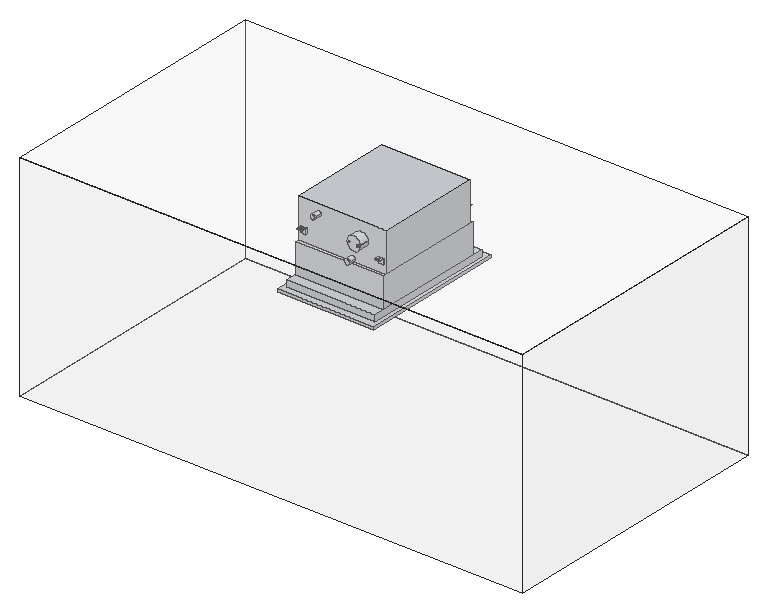
Revit family "plfy-p22_140lmg7_60Hz_pac-kw85_86_87tb", category 機械設備, Revit 2019
Family settings
  丸型コネクタ寸法 = 直径を使用
  パーツ タイプ = 標準
  OmniClass 番号 = 23.75.10.24.21.27.27
  OmniClass タイトル = Split System Air Conditioning Units
  作業面ベース = いいえ
  常に垂直 = はい
  ロード時にボイドで切り取り = いいえ
  共有 = いいえ
  部屋計算ポイント = はい
Parameters (values of type "PLFY-P22LMG7")
  風量（弱）（m3／min） = 6.5
  風量（中2）（m3／min） = 7.5
  風量（中1）（m3／min） = 8.5
  風量（m3／min） = 9.5
  風量 = MAX風量  # 570.0 m³/h
  音響パワーレベル（弱）(dB) = 49
  音響パワーレベル（中2）(dB) = 51
  音響パワーレベル（中1）(dB) = 52
  音響パワーレベル(dB) = 53
  電源種別 = ""
  電源_H = 0 mm
  電圧_電気ヒーター = 0 V
  電圧 = 200 V
  電動機出力_送風機 = 0.05 kW
  運転質量 = 0.00 kg
  連動 = ""
  質量 = if(製品質量 > 運転質量, 製品質量, 運転質量) * 1.2  # 24.00 kg
  負荷分類 = 3_ファン類
  説明 = "ビル用マルチエアコン 天井カセット形(2方向吹出)室内機"
  設計暖房能力 = 0.00 kW
  設計冷房能力_顕熱 = 0 kW
  設計冷房能力 = 0 kW
  設置方法 = "カセット形"
  記号 = ""
  製造元 = "三菱電機株式会社"
  製品質量 = 20.00 kg
  製品出荷対象 = "国内"
  製品リリース年月 = "2020/7/22"
  製品グループ = ""
  系統 = ""
  符号 = "ACP_CK2"
  積算_科目 = "1 空気調和設備"
  積算_拾い区分 [instance] = ""
  相_電気ヒーター = 1
  相 = 1
  盤記号 = ""
  発停方法 = "付属スイッチ"
  特殊仕様 = ""
  火災停止 = ""
  消費電力_電気ヒーター = 0.00 kW
  消費電力_暖房 = 0.03 kW
  消費電力_加湿器 = 0.00 kW
  消費電力_冷房 = 0.03 kW
  消費電力 = if(消費電力_冷房 > 消費電力_暖房, 消費電力_冷房, 消費電力_暖房) + 消費電力_加湿器 + 消費電力_電気ヒーター  # 0.03 kW
  法定耐用年数 = "15"
  機外静圧 = 0.0 Pa
  極数 = 3
  材質 = ""
  本体マテリアル = none
  有効加湿量 = 0
  暖房能力 = 2.50 kW
  推奨ブレーカー容量 = 15 A
  形式_加湿器 = ""
  形式 = "カセット形（2方向吹出形）"
  幹線記号 = ""
  始動方式 = ""
  呼称 = "室内機_カセット形(2方向吹出形)"
  周波数 = 60 Hz
  吊り位置Y = 824 mm
  吊り位置X = 574 mm
  吊りボルト_H = 365 mm
  台数_手元リモコン = ""
  台数_冷媒分岐ユニット = ""
  参照している仕様書等のバージョン = "公共建築工事標準仕様書（機械設備工事編）平成31年度版"
  加湿給水管径 = 0 mm
  分類コード = "50053003221020"
  分類グループ = ""
  冷房能力 = 2.2 kW
  冷媒高低圧ガス管径 = 0 mm
  冷媒管径符号 = "Ac"
  冷媒管径 = 100 mm
  冷媒液管高さ = 433 mm
  冷媒液管長さ = 67 mm
  冷媒液管径 = 6.35 mm
  冷媒ガス管高さ = 433 mm
  冷媒ガス管長さ = 78 mm
  冷媒ガス管径 = 12.7 mm
  企業コード = ""
  付属品_フィルター = ""
  付属品 = ""
  仕様書バージョン = "Version1.0"
  モデル = "PLFY-P22LMG7"
  パネルマテリアル = none
  ドレン管高さ = 495 mm
  ドレン管径 = 32 mm
  サービススペース = yes
  コメント [instance] = ""
  ケーブル種類 = ""
  ケーブルサイズ = 1.6 mm
  Width = 650 mm
  Version = ""
  Uniclass2015Version = "Systems v1.9"
  Uniclass2015Title = "Split coil remote air cooled condensing units"
  Uniclass2015Code = "Pr_70_65_03_84"
  URL = "https://www.mitsubishielectric.co.jp/ldg/wink/ssl/displayProduct.do?pid=307542"
  SpecificationReference = ""
  SpecificationDescription = ""
  S_H = 562 mm
  Revision = ""
  ProductInformation = ""
  OmniClassCode = "23-751024212727"
  MIN風量 = 風量（弱）（m3／min） * 60.0 m³/h  # 390.0 m³/h
  MID風量2 = 風量（中2）（m3／min） * 60.0 m³/h  # 450.0 m³/h
  MID風量 = 風量（中1）（m3／min） * 60.0 m³/h  # 510.0 m³/h
  MAX風量 = 風量（m3／min） * 60.0 m³/h  # 570.0 m³/h
  IfcTypeProduct = ""
  IfcProduct = ""
  IfcExportType = "AIRCONDITIONINGUNIT"
  IfcExportAs = "IfcUnitaryEquipmentType"
  Height = 290 mm
  Depth = 770 mm
  Clearance Top = 555 mm
  Clearance Right = 1500 mm
  Clearance Left = 1500 mm
  Clearance Front = 500 mm
  Clearance Bottom = 1000 mm
  Clearance Back = 500 mm
  Author = "三菱電機株式会社"
Types (11, lengths in mm): name | 風量（弱）（m3／min） | 風量（中2）（m3／min） | 風量（中1）（m3／min） | 風量（m3／min） | 風量 | 音響パワーレベル（弱）(dB) | 音響パワーレベル（中2）(dB) | 音響パワーレベル（中1）(dB) | 音響パワーレベル(dB) | 電動機出力_送風機 | 質量 | 製品質量 | 消費電力_暖房 | 消費電力_冷房 | 消費電力 | 暖房能力 | 吊り位置Y | 冷房能力 | 冷媒管径符号 | 冷媒液管長さ | 冷媒液管径 | 冷媒ガス管長さ | 冷媒ガス管径 | モデル | URL | S_H | MIN風量 | MID風量2 | MID風量 | MAX風量 | Height | Depth | Clearance Top
  (no name) | 6.5 | 7.5 | 8.5 | 9.5 | 570.0 m³/h | 49 | 51 | 52 | 53 | 0.05 kW | 24.00 kg | 20.00 kg | 0.03 kW | 0.03 kW | 0.03 kW | 2.50 kW | 824 | 2.2 kW | "Ac" | 67 | 6.35 | 78 | 12.7 | "PLFY-P22LMG7" | "https://www.mitsubishielectric.co.jp/ldg/wink/ssl/displayProduct.do?pid=307542" | 562 | 390.0 m³/h | 450.0 m³/h | 510.0 m³/h | 570.0 m³/h | 290 | 770 | 555
  PLFY-P22LMG7 | 6.5 | 7.5 | 8.5 | 9.5 | 570.0 m³/h | 49 | 51 | 52 | 53 | 0.05 kW | 24.00 kg | 20.00 kg | 0.03 kW | 0.03 kW | 0.03 kW | 2.50 kW | 824 | 2.2 kW | "Ac" | 67 | 6.35 | 78 | 12.7 | "PLFY-P22LMG7" | "https://www.mitsubishielectric.co.jp/ldg/wink/ssl/displayProduct.do?pid=307542" | 562 | 390.0 m³/h | 450.0 m³/h | 510.0 m³/h | 570.0 m³/h | 290 | 770 | 555
  PLFY-P28LMG7 | 6.5 | 7.5 | 8.5 | 9.5 | 570.0 m³/h | 49 | 51 | 52 | 53 | 0.05 kW | 24.00 kg | 20.00 kg | 0.03 kW | 0.03 kW | 0.03 kW | 3.20 kW | 824 | 2.8 kW | "Ac" | 67 | 6.35 | 78 | 12.7 | "PLFY-P28LMG7" | "https://www.mitsubishielectric.co.jp/ldg/wink/ssl/displayProduct.do?pid=307511" | 562 | 390.0 m³/h | 450.0 m³/h | 510.0 m³/h | 570.0 m³/h | 290 | 770 | 555
  PLFY-P36LMG7 | 6.5 | 8 | 9 | 10 | 600.0 m³/h | 50 | 51 | 52 | 53 | 0.05 kW | 25.20 kg | 21.00 kg | 0.03 kW | 0.03 kW | 0.03 kW | 4.00 kW | 824 | 3.6 kW | "Ac" | 67 | 6.35 | 78 | 12.7 | "PLFY-P36LMG7" | "https://www.mitsubishielectric.co.jp/ldg/wink/ssl/displayProduct.do?pid=307543" | 562 | 390.0 m³/h | 480.0 m³/h | 540.0 m³/h | 600.0 m³/h | 290 | 770 | 555
  PLFY-P45LMG7 | 7 | 8.5 | 9.5 | 10.5 | 630.0 m³/h | 51 | 54 | 55 | 56 | 0.05 kW | 25.20 kg | 21.00 kg | 0.04 kW | 0.04 kW | 0.04 kW | 5.00 kW | 824 | 4.5 kW | "Ac" | 67 | 6.4 | 78 | 12.7 | "PLFY-P45LMG7" | "https://www.mitsubishielectric.co.jp/ldg/wink/ssl/displayProduct.do?pid=307544" | 562 | 420.0 m³/h | 510.0 m³/h | 570.0 m³/h | 630.0 m³/h | 290 | 770 | 555
  PLFY-P56LMG7 | 9 | 11 | 12 | 13 | 780.0 m³/h | 53 | 55 | 56 | 57 | 0.05 kW | 28.80 kg | 24.00 kg | 0.05 kW | 0.05 kW | 0.05 kW | 6.30 kW | 994 | 5.6 kW | "Ac" | 67 | 6.4 | 78 | 12.7 | "PLFY-P56LMG7" | "https://www.mitsubishielectric.co.jp/ldg/wink/ssl/displayProduct.do?pid=307512" | 562 | 540.0 m³/h | 660.0 m³/h | 720.0 m³/h | 780.0 m³/h | 290 | 940 | 555
  PLFY-P71LMG7 | 10.5 | 12.5 | 15 | 16.5 | 990.0 m³/h | 55 | 58 | 59 | 60 | 0.05 kW | 31.20 kg | 26.00 kg | 0.07 kW | 0.07 kW | 0.07 kW | 8.00 kW | 994 | 7.1 kW | "Bd" | 67 | 9.5 | 78 | 15.9 | "PLFY-P71LMG7" | "https://www.mitsubishielectric.co.jp/ldg/wink/ssl/displayProduct.do?pid=307545" | 562 | 630.0 m³/h | 750.0 m³/h | 900.0 m³/h | 990.0 m³/h | 290 | 940 | 555
  PLFY-P80LMG7 | 13.5 | 15 | 16.5 | 19 | 1140.0 m³/h | 56 | 58 | 59 | 60 | 0.10 kW | 49.20 kg | 41.00 kg | 0.06 kW | 0.06 kW | 0.06 kW | 9.00 kW | 1494 | 8 kW | "Bd" | 71 | 9.5 | 83 | 15.9 | "PLFY-P80LMG7" | "https://www.mitsubishielectric.co.jp/ldg/wink/ssl/displayProduct.do?pid=307546" | 603 | 810.0 m³/h | 900.0 m³/h | 990.0 m³/h | 1140.0 m³/h | 331 | 1440 | 596
  PLFY-P90LMG7 | 15.5 | 18 | 20 | 22.5 | 1350.0 m³/h | 57 | 59 | 60 | 61 | 0.10 kW | 49.20 kg | 41.00 kg | 0.08 kW | 0.08 kW | 0.08 kW | 10.00 kW | 1494 | 9 kW | "Bd" | 71 | 9.5 | 83 | 15.9 | "PLFY-P90LMG7" | "https://www.mitsubishielectric.co.jp/ldg/wink/ssl/displayProduct.do?pid=307513" | 603 | 930.0 m³/h | 1080.0 m³/h | 1200.0 m³/h | 1350.0 m³/h | 331 | 1440 | 596
  PLFY-P112LMG7 | 18 | 20 | 23.5 | 26 | 1560.0 m³/h | 59 | 61 | 62 | 63 | 0.10 kW | 54.00 kg | 45.00 kg | 0.10 kW | 0.10 kW | 0.10 kW | 12.50 kW | 1494 | 11.2 kW | "Bd" | 71 | 9.5 | 83 | 15.9 | "PLFY-P112LMG7" | "https://www.mitsubishielectric.co.jp/ldg/wink/ssl/displayProduct.do?pid=307547" | 603 | 1080.0 m³/h | 1200.0 m³/h | 1410.0 m³/h | 1560.0 m³/h | 331 | 1440 | 596
  PLFY-P140LMG7 | 23 | 26.5 | 28.5 | 31.5 | 1890.0 m³/h | 63 | 64 | 67 | 69 | 0.24 kW | 56.40 kg | 47.00 kg | 0.20 kW | 0.20 kW | 0.20 kW | 16.00 kW | 1494 | 14 kW | "Bd" | 71 | 9.5 | 83 | 15.9 | "PLFY-P140LMG7" | "https://www.mitsubishielectric.co.jp/ldg/wink/ssl/displayProduct.do?pid=307548" | 603 | 1380.0 m³/h | 1590.0 m³/h | 1710.0 m³/h | 1890.0 m³/h | 331 | 1440 | 596
Reference planes
  plane 1 "中心(正面/背面)": y = 0
  plane 2: z = 0
  plane 3 "中心(左/右)": x = 0
  plane 4: x = -355
  plane 5: x = 355
  plane 6: y = 540
  plane 7: y = -540
  plane 8: z = 555
  plane 9: z = 562
  plane 10: x = -287
  plane 11: x = 287
  plane 12: y = 412
  plane 13: y = -412
  plane 14: z = 265
  plane 15: y = 385
  plane 16: y = -385
  plane 17: x = -325
  plane 18: x = 325
  plane 19: x = -1855
  plane 20: x = 1855
  plane 21: y = 1040
  plane 22: y = -1040
  plane 23: z = 555
  plane 24: z = -20
  plane 25: z = -1020
Dimensions and locks
  equal spacing: plane 4, plane 3 "中心(左/右)", plane 5
  plane 4 to plane 5 = 710 mm
  equal spacing: plane 7, plane 1 "中心(正面/背面)", plane 6
  plane 7 to plane 6 = 1080 mm
  locked: plane 12 to plane 6 at 128
  plane 7 to plane 13 = 128 mm
  plane 4 to plane 10 = 68 mm
  plane 11 to plane 5 = 68 mm
  "S_H": plane 9 to level
  "吊り位置X": plane 10 to plane 11
  equal spacing: plane 10, plane 3 "中心(左/右)", plane 11
  equal spacing: plane 13, plane 1 "中心(正面/背面)", plane 12
  "吊り位置Y": plane 13 to plane 12
  equal spacing: plane 16, plane 1 "中心(正面/背面)", plane 15
  "Depth": plane 16 to plane 15
  equal spacing: plane 17, plane 3 "中心(左/右)", plane 18
  "Width": plane 17 to plane 18
  locked: plane 14 to level at 265
  "Height": plane 8 to plane 14
  "Clearance Left": plane 19 to plane 4
  "Clearance Right": plane 5 to plane 20
  "Clearance Back": plane 6 to plane 21
  "Clearance Front": plane 22 to plane 7
  locked: level to plane 24 at 20
  "Clearance Bottom": plane 24 to plane 25
  "Clearance Top": plane 23 to level
  aligned and locked: level to plane 2
  aligned and locked: plane 10 to nested 2
  aligned and locked: plane 11 to nested 2
  aligned and locked: nested 2 to plane 12
  aligned and locked: plane 13 to nested 2
  aligned and locked: plane 1 "中心(正面/背面)" to nested 3
  aligned and locked: nested 3 to plane 3 "中心(左/右)"
  aligned and locked: plane 19 to nested 1
  aligned and locked: plane 20 to nested 1
  aligned and locked: nested 1 to plane 22
  aligned and locked: nested 1 to plane 21
  aligned and locked: plane 23 to nested 1
  aligned and locked: plane 25 to nested 1
Nested families
  nested 1: "サービススペース" at (0, 0, -232.5), visible <- "サービススペース", type "サービススペース"
    with Width 3710 mm, Height 1575 mm, Depth 2080 mm
  nested 2: "固定点" at (-287, -412, 0), type "固定点"
    with W 574 mm, D 824 mm
  nested 3: "PLFY-P○○○LMG7" at (0, 0, 0) x (0, -1, 0) z (0, 0, 1), type "PLFY-P○○○LMG7"
    with ユニット表示 yes, 冷媒液管径-Z 433 mm
Connectors
  piping at (138, -452, 433), diameter 100, driven by "冷媒管径", driven by "冷媒管径符号"
    settings: on nested 3, index 1, connector inside diameter 609.6 mm, connector length 0 mm, flow factor 0, pipe flow 0.0 L/s, pressure drop 0.0 Pa, fitting loss kfactor 0, connector angle 0.00°, fixture units 0, engagement length 0 mm, angle of deflection 0.00°, flow configuration 0, flow direction 1, fitting loss method 4, system type 7, joint type 0, gender type 0, connector reference index -1, connector utility 0, adjustable connector no, is connector primary yes, connector description "Ac"
  piping at (-175, -442, 495), diameter 32, driven by "ドレン管径"
    settings: on nested 3, index 2, connector inside diameter 609.6 mm, connector length 0 mm, flow factor 0, pipe flow 0.0 L/s, pressure drop 0.0 Pa, fitting loss kfactor 0, connector angle 0.00°, fixture units 0, engagement length 0 mm, angle of deflection 0.00°, flow configuration 0, flow direction 2, fitting loss method 4, system type 16, joint type 0, gender type 0, connector reference index -1, connector utility 0, adjustable connector no, is connector primary no, connector description ""
  electrical at (75, -435, 283), driven by "極数", driven by "負荷分類", driven by "電圧", driven by "消費電力"
    settings: on nested 3, index 3, voltage 200 V, apparent load 30 VA, apparent load phase1 0 VA, apparent load phase2 0 VA, apparent load phase3 0 VA, power factor 1, load classification "3_ファン類", number of poles 3, system type 30, power factor state 1, is connector primary yes, connector utility no, sub classification motor no, connector description ""
Definition of nested family "サービススペース"
  Parameters (values of type "サービススペース")
    Width [instance] = 500 mm
    Height [instance] = 500 mm
    Depth [instance] = 500 mm
  Reference planes
    plane 1 "中心(正面/背面)": y = 0
    plane 2: z = 0
    plane 3 "中心(左/右)": x = 0
    plane 4: y = -250
    plane 5: x = 250
    plane 6: y = 250
    plane 7: x = -250
    plane 8: z = 250
    plane 9: z = -250
  Forms (mm)
    Extrusion 1, solid
      sketch origin (-638.939, 0, 72.39) x (1, 0, 0) y (0, 1, 0)
        loop
          line (388.939, 250) -> (388.939, -250) -> (888.939, -250) -> (888.939, 250) -> (388.939, 250)
      from -322.39 to 177.61
  Lines and regions (mm)
    symbolic lines
      curve 1: line (-250, 0, 250) -> (250, 0, 250)
      curve 2: line (-250, 0, -250) -> (-250, 0, 250)
      curve 3: line (250, 0, -250) -> (-250, 0, -250)
      curve 4: line (250, 0, 250) -> (250, 0, -250)
      curve 5: line (0, -250, 250) -> (0, 250, 250)
      curve 6: line (0, -250, -250) -> (0, -250, 250)
      curve 7: line (0, 250, -250) -> (0, -250, -250)
      curve 8: line (0, 250, 250) -> (0, 250, -250)
      curve 9: line (-250, 250, 0) -> (250, 250, 0)
      curve 10: line (-250, -250, 0) -> (-250, 250, 0)
      curve 11: line (250, -250, 0) -> (-250, -250, 0)
      curve 12: line (250, 250, 0) -> (250, -250, 0)
  Dimensions and locks
    equal spacing: plane 7, plane 3 "中心(左/右)", plane 5
    equal spacing: plane 4, plane 1 "中心(正面/背面)", plane 6
    "Depth": plane 4 to plane 6
    "Width": plane 7 to plane 5
    equal spacing: plane 8, plane 2, plane 9
    "Height": plane 8 to plane 9
    aligned and locked: plane 9 to curve 3
    aligned and locked: plane 7 to curve 2
    aligned and locked: curve 4 to plane 5
    aligned and locked: plane 5 to Extrusion 1
    aligned and locked: Extrusion 1 to plane 7
    aligned and locked: Extrusion 1 to plane 9
    aligned and locked: plane 8 to Extrusion 1
    aligned and locked: plane 9 to curve 7
  Automatic sketch dimensions
    plane 4 to Extrusion 1 sketch curve = 0 mm
    Extrusion 1 sketch curve to plane 7 = 0 mm
    Extrusion 1 sketch curve to plane 5 = 0 mm
    plane 6 to Extrusion 1 sketch curve = 0 mm
    curve 2 to plane 8 = 0 mm
    plane 4 to curve 11 = 0 mm
    curve 11 to plane 7 = 0 mm
    curve 11 to plane 5 = 0 mm
    plane 6 to curve 10 = 0 mm
    curve 7 to plane 4 = 0 mm
    curve 7 to plane 6 = 0 mm
    curve 6 to plane 8 = 0 mm
Definition of nested family "PLFY-P○○○LMG7"
  Parameters (values of type "PLFY-P○○○LMG7")
    配線取出口サイズ = 36 mm
    配線取出口-Z = 283 mm
    配線取出口-Y = 250 mm
    配線取出口-X = 50 mm
    液配管サイズ = 6.35 mm
    A = 幅さ + 310 mm  # 1080 mm
    高さ = 290 mm
    奥行き = 650 mm
    吊りボルト_H = 365 mm
    冷媒配管 = 100 mm
    冷媒液管径-Z = 235 mm
    冷媒液管径-Y = 222 mm
    冷媒液管径-X = 67 mm
    冷媒ガス管径-Z = 433 mm
    冷媒ガス管径-Y = 152 mm
    冷媒ガス管径-X = 78 mm
    ユニット表示 [instance] = yes
    ボルトピッチ = 574 mm
    ドレン配管サイズ = 32 mm
    ドレン管径-Z = 495 mm
    ドレン管径-Y = 500 mm
    ドレン管径-X = 57 mm
    ガス配管サイズ = 12.7 mm
    D = 幅さ + 54 mm  # 824 mm
    幅さ = 770 mm
    B = 幅さ + 270 mm  # 1040 mm
  Reference planes
    plane 1 "中心(正面/背面)": y = 0
    plane 2: z = 0
    plane 3 "中心(左/右)": x = 0
    plane 4: x = -540
    plane 5: x = 540
    plane 6: y = 355
    plane 7: y = -355
    plane 8: z = 555
    plane 9: z = -20
    plane 10: x = -385
    plane 11: x = 385
    plane 12: y = 325
    plane 13: y = -325
    plane 14: z = 45
    plane 15: x = -520
    plane 16: x = 520
    plane 17: x = 412
    plane 18: x = -412
    plane 19: z = 265
    plane 20: x = 490
    plane 21: x = -490
    plane 22: y = 287
    plane 23: y = -287
    plane 24: x = 463
    plane 25: y = 173
    plane 26: z = 433
    plane 27: x = 452
    plane 28: y = 103
    plane 29: x = 442
    plane 30: y = -175
    plane 31: z = 495
    plane 32: z = 364
    plane 33: y = 50
    plane 34: x = 435
    plane 35: y = 75
    plane 36: z = 283
    plane 37: z = 365
    plane 38: z = 363
    plane 39: z = 323
    plane 40: y = 307
    plane 41: y = 267
    plane 42: y = -267
    plane 43: y = -307
    plane 44: y = 292
    plane 45: y = 282
    plane 46: y = -282
    plane 47: y = -292
    plane 48: x = -425
    plane 49: x = 425
    plane 50: x = -387
    plane 51: x = 387
  Forms (mm)
    Extrusion 1, solid, visible <- "ユニット表示", detail levels fine
      sketch origin (0, 0, 0) x (1, 0, 0) y (0, 1, 0)
        loop
          line (-385, 325) -> (-385, -325) -> (385, -325) -> (385, 325) -> (-385, 325)
      from 265 to 555
    Extrusion 2, solid, visible <- "ユニット表示", detail levels fine
      sketch origin (-1437.329, -1524, 45) x (-1, 0, 0) y (0, -1, 0)
        loop
          line (-1025.329, -1849) -> (-1025.329, -1199) -> (-1849.329, -1199) -> (-1849.329, -1849) -> (-1025.329, -1849)
      from 0 to 220
    Extrusion 3, solid, visible <- "ユニット表示", detail levels fine
      sketch origin (-1437.329, -1524, 45) x (-1, 0, 0) y (0, -1, 0)
        loop
          line (-947.329, -1849) -> (-947.329, -1199) -> (-1927.329, -1199) -> (-1927.329, -1849) -> (-947.329, -1849)
      from 0 to -45
    Extrusion 4, solid, visible <- "ユニット表示", detail levels fine
      sketch origin (385, 1296.25, 1200) x (0, 1, 0) y (0, 0, 1)
        loop
          circle (-1123.25, -767) r 6.35
      from 0 to 78
    Extrusion 5, solid, visible <- "ユニット表示", detail levels fine
      sketch origin (385, 1296.25, 1200) x (0, 1, 0) y (0, 0, 1)
        loop
          circle (-1193.25, -767) r 3.175
      from 0 to 67
    Extrusion 6, solid, visible <- "ユニット表示", detail levels fine
      sketch origin (385, 1296.25, 1200) x (0, 1, 0) y (0, 0, 1)
        loop
          circle (-1471.25, -705) r 16
      from 0 to 57
    Extrusion 7, solid, visible <- "ユニット表示", detail levels fine
      sketch origin (385, 1296.25, 1200) x (0, 1, 0) y (0, 0, 1)
        loop
          circle (-1221.25, -917) r 18
      from 0 to 50
    Extrusion 8, solid, visible <- "ユニット表示", detail levels fine
      sketch origin (385, 1296.25, 1200) x (0, 1, 0) y (0, 0, 1)
        loop
          circle (-1158.25, -767) r 50
      from 0 to 67
    Extrusion 9, solid, visible <- "ユニット表示"
      sketch origin (0, 0, 0) x (1, 0, 0) y (0, 1, 0)
        loop
          line (-540, 355) -> (-540, -355) -> (540, -355) -> (540, 355) -> (-540, 355)
      from 0 to -20
    Extrusion 10, solid, visible <- "ユニット表示", detail levels fine
      sketch origin (0, 0, 0) x (1, 0, 0) y (0, 1, 0)
        loop
          line (-407, 292) -> (-407, 282)
          arc (-407, 282) -> (-412, 277) -> (-417, 282) r 5
          line (-417, 282) -> (-425, 282) -> (-425, 267) -> (-385, 267) -> (-385, 307) -> (-425, 307) -> (-425, 292) -> (-417, 292)
          arc (-417, 292) -> (-412, 297) -> (-407, 292) r 5
        loop
          arc (407, 292) -> (412, 297) -> (417, 292) r 5
          line (417, 292) -> (425, 292) -> (425, 307) -> (385, 307) -> (385, 267) -> (425, 267) -> (425, 282) -> (417, 282)
          arc (417, 282) -> (412, 277) -> (407, 282) r 5
          line (407, 282) -> (407, 292)
        loop
          line (407, -292) -> (407, -282)
          arc (407, -282) -> (412, -277) -> (417, -282) r 5
          line (417, -282) -> (425, -282) -> (425, -267) -> (385, -267) -> (385, -307) -> (425, -307) -> (425, -292) -> (417, -292)
          arc (417, -292) -> (412, -297) -> (407, -292) r 5
        loop
          arc (-407, -292) -> (-412, -297) -> (-417, -292) r 5
          line (-417, -292) -> (-425, -292) -> (-425, -307) -> (-385, -307) -> (-385, -267) -> (-425, -267) -> (-425, -282) -> (-417, -282)
          arc (-417, -282) -> (-412, -277) -> (-407, -282) r 5
          line (-407, -282) -> (-407, -292)
      from 363 to 365
    Extrusion 11, solid, visible <- "ユニット表示", detail levels fine
      sketch origin (0, 0, 0) x (1, 0, 0) y (0, 1, 0)
        loop
          line (-387, 307) -> (-387, 267) -> (-385, 267) -> (-385, 307) -> (-387, 307)
        loop
          line (385, 307) -> (385, 267) -> (387, 267) -> (387, 307) -> (385, 307)
        loop
          line (385, -267) -> (385, -307) -> (387, -307) -> (387, -267) -> (385, -267)
        loop
          line (-387, -267) -> (-387, -307) -> (-385, -307) -> (-385, -267) -> (-387, -267)
      from 323 to 363
  Dimensions and locks
    equal spacing: plane 7, plane 1 "中心(正面/背面)", plane 6
    plane 7 to plane 6 = 710 mm
    equal spacing: plane 4, plane 3 "中心(左/右)", plane 5
    "A": plane 4 to plane 5
    locked: level to plane 9 at 20
    equal spacing: plane 13, plane 1 "中心(正面/背面)", plane 12
    "奥行き": plane 13 to plane 12
    equal spacing: plane 10, plane 3 "中心(左/右)", plane 11
    "幅さ": plane 10 to plane 11
    locked: plane 14 to level at 45
    equal spacing: plane 15, plane 3 "中心(左/右)", plane 16
    "B": plane 15 to plane 16
    equal spacing: plane 18, plane 3 "中心(左/右)", plane 17
    "D": plane 18 to plane 17
    locked: plane 19 to plane 14 at 220
    locked: plane 15 to plane 21 at 30
    locked: plane 20 to plane 16 at 30
    equal spacing: plane 23, plane 1 "中心(正面/背面)", plane 22
    "ボルトピッチ": plane 23 to plane 22
    "冷媒ガス管径-X": plane 11 to plane 24
    "冷媒ガス管径-Y": plane 25 to plane 12
    "冷媒液管径-X": plane 11 to plane 27
    "冷媒液管径-Y": plane 28 to plane 12
    "ドレン管径-X": plane 11 to plane 29
    "ドレン管径-Y": plane 30 to plane 12
    plane 8 to plane 32 = 191 mm
    "配線取出口-X": plane 11 to plane 34
    "配線取出口-Y": plane 35 to plane 12
    "配線取出口-Z": plane 36 to level
    "ドレン管径-Z": plane 31 to level
    "冷媒ガス管径-Z": plane 26 to level
    locked: plane 38 to plane 39 at 40
    locked: plane 37 to plane 38 at 2
    "吊りボルト_H": plane 37 to level
    plane 43 to plane 23 to plane 42 = 20 mm locked, 20 mm locked
    plane 41 to plane 22 to plane 40 = 20 mm locked, 20 mm locked
    plane 47 to plane 23 to plane 46 = 5 mm locked, 5 mm locked
    plane 45 to plane 22 to plane 44 = 5 mm locked, 5 mm locked
    locked: plane 48 to plane 10 at 40
    locked: plane 11 to plane 49 at 40
    locked: plane 11 to plane 51 at 2
    locked: plane 50 to plane 10 at 2
    "高さ": plane 8 to plane 19
    "ガス配管サイズ": diameter of Extrusion 4 sketch curve
    "液配管サイズ": diameter of Extrusion 5 sketch curve
    "ドレン配管サイズ": diameter of Extrusion 6 sketch curve
    "配線取出口サイズ": diameter of Extrusion 7 sketch curve
    "冷媒配管": diameter of Extrusion 8 sketch curve
    aligned and locked: level to plane 2
    aligned and locked: plane 12 to Extrusion 1 sketch curve
    aligned and locked: plane 10 to Extrusion 1 sketch curve
    aligned and locked: Extrusion 1 sketch curve to plane 13
    aligned and locked: Extrusion 1 sketch curve to plane 11
    aligned and locked: plane 8 to Extrusion 1
    aligned and locked: plane 12 to Extrusion 2 sketch curve
    aligned and locked: plane 18 to Extrusion 2 sketch curve
    aligned and locked: Extrusion 2 sketch curve to plane 13
    aligned and locked: Extrusion 2 sketch curve to plane 17
    aligned and locked: plane 19 to Extrusion 2
    aligned and locked: Extrusion 1 to Extrusion 2
    aligned and locked: plane 12 to Extrusion 3 sketch curve
    aligned and locked: plane 21 to Extrusion 3 sketch curve
    aligned and locked: Extrusion 3 sketch curve to plane 13
    aligned and locked: Extrusion 3 sketch curve to plane 20
    aligned and locked: Extrusion 3 to level
    aligned and locked: plane 14 to Extrusion 3
    aligned and locked: plane 26 to Extrusion 4 sketch curve
    aligned and locked: plane 25 to Extrusion 4 sketch curve
    aligned and locked: Extrusion 4 to plane 11
    aligned and locked: plane 24 to Extrusion 4
    aligned and locked: plane 26 to Extrusion 5 sketch curve
    aligned and locked: plane 28 to Extrusion 5 sketch curve
    aligned and locked: plane 27 to Extrusion 5
    aligned and locked: Extrusion 5 to plane 11
    aligned and locked: plane 31 to Extrusion 6 sketch curve
    aligned and locked: plane 30 to Extrusion 6 sketch curve
    aligned and locked: Extrusion 6 to plane 11
    aligned and locked: plane 29 to Extrusion 6
    aligned and locked: plane 36 to Extrusion 7 sketch curve
    aligned and locked: plane 35 to Extrusion 7 sketch curve
    aligned and locked: Extrusion 7 to plane 11
    aligned and locked: plane 34 to Extrusion 7
    aligned and locked: plane 26 to Extrusion 8 sketch curve
    aligned and locked: Extrusion 8 to plane 11
    aligned and locked: plane 27 to Extrusion 8
    aligned and locked: level to Extrusion 9
    aligned and locked: Extrusion 9 to plane 9
    aligned and locked: Extrusion 10 sketch curve to plane 10
    aligned and locked: plane 37 to Extrusion 10
    aligned and locked: Extrusion 10 to plane 38
    aligned and locked: plane 40 to Extrusion 10 sketch curve
    aligned and locked: plane 48 to Extrusion 10 sketch curve  (x2)
    aligned and locked: Extrusion 10 sketch curve to plane 41
    aligned and locked: Extrusion 10 sketch curve to plane 45
    aligned and locked: Extrusion 10 sketch curve to plane 44
    aligned and locked: plane 44 to Extrusion 10 sketch curve  (x3)
    aligned and locked: plane 45 to Extrusion 10 sketch curve  (x3)
    aligned and locked: plane 18 to Extrusion 10 sketch curve  (x4)
    aligned and locked: plane 10 to Extrusion 10 sketch curve
    aligned and locked: Extrusion 10 sketch curve to plane 42
    aligned and locked: plane 43 to Extrusion 10 sketch curve
    aligned and locked: plane 47 to Extrusion 10 sketch curve  (x3)
    aligned and locked: plane 46 to Extrusion 10 sketch curve  (x3)
    aligned and locked: Extrusion 10 sketch curve to plane 46
    aligned and locked: Extrusion 10 sketch curve to plane 47
    aligned and locked: Extrusion 10 sketch curve to plane 48  (x2)
    aligned and locked: plane 11 to Extrusion 10 sketch curve
    aligned and locked: Extrusion 10 sketch curve to plane 49  (x2)
    aligned and locked: plane 17 to Extrusion 10 sketch curve  (x4)
    aligned and locked: Extrusion 10 sketch curve to plane 43
    aligned and locked: plane 42 to Extrusion 10 sketch curve
    aligned and locked: plane 49 to Extrusion 10 sketch curve  (x2)
    aligned and locked: plane 41 to Extrusion 10 sketch curve
    aligned and locked: Extrusion 10 sketch curve to plane 11
    aligned and locked: Extrusion 10 sketch curve to plane 40
    aligned and locked: plane 40 to Extrusion 11 sketch curve
    aligned and locked: plane 50 to Extrusion 11 sketch curve  (x2)
    aligned and locked: Extrusion 11 sketch curve to Extrusion 10  (x8)
    aligned and locked: Extrusion 11 sketch curve to plane 41
    aligned and locked: Extrusion 11 sketch curve to plane 51  (x2)
    aligned and locked: Extrusion 11 sketch curve to plane 43
    aligned and locked: plane 42 to Extrusion 11 sketch curve
    aligned and locked: Extrusion 11 to Extrusion 10
    aligned and locked: Extrusion 11 to plane 39
  Automatic sketch dimensions
    Extrusion 9 sketch curve to plane 4 = 0 mm
    Extrusion 9 sketch curve to plane 5 = 0 mm
    plane 7 to Extrusion 9 sketch curve = 0 mm
    plane 6 to Extrusion 9 sketch curve = 0 mm
    Extrusion 10 sketch curve to plane 18 = 5 mm  (x2)
    Extrusion 10 sketch curve to plane 17 = 5 mm  (x2)
    plane 25 to Extrusion 8 sketch curve = 35 mm
Definition of nested family "固定点"
  Parameters (values of type "固定点")
    中心円 = 20 mm
    W [instance] = 1000 mm
    D [instance] = 1000 mm
  Reference planes
    plane 1 "中心(正面/背面)": y = 0
    plane 2: z = 0
    plane 3 "中心(左/右)": x = 0
    plane 4: x = 1000
    plane 5: y = 1000
  Lines and regions (mm)
    symbolic lines, detail levels fine
      curve 1: circle (0, 1000, 0) r 10 normal (0, 0, 1)
      curve 2: circle (0, 0, 0) r 10 normal (0, 0, 1)
      curve 3: circle (1000, 1000, 0) r 10 normal (0, 0, 1)
      curve 4: circle (1000, 0, 0) r 10 normal (0, 0, 1)
      curve 5: line (-200, 1000, 0) -> (1200, 1000, 0)
      curve 6: line (-200, 0, 0) -> (1200, 0, 0)
      curve 7: line (0, 1200, 0) -> (0, -200, 0)
      curve 8: line (1000, 1200, 0) -> (1000, -200, 0)
  Dimensions and locks
    "W": plane 3 "中心(左/右)" to plane 4
    "D": plane 1 "中心(正面/背面)" to plane 5
    "中心円": diameter of curve 1
    "中心円": diameter of curve 2
    "中心円": diameter of curve 3
    "中心円": diameter of curve 4
    aligned and locked: level to plane 2
    aligned and locked: plane 5 to curve 1
    aligned and locked: plane 3 "中心(左/右)" to curve 1
    aligned and locked: plane 3 "中心(左/右)" to curve 2
    aligned and locked: plane 1 "中心(正面/背面)" to curve 2
    aligned and locked: plane 4 to curve 3
    aligned and locked: plane 5 to curve 3
    aligned and locked: plane 1 "中心(正面/背面)" to curve 4
    aligned and locked: plane 4 to curve 4
    aligned and locked: plane 1 "中心(正面/背面)" to curve 6
    aligned and locked: curve 7 to plane 3 "中心(左/右)"
    aligned and locked: curve 8 to plane 4
  Automatic sketch dimensions
    curve 5 to plane 5 = 0 mm
    curve 6 to plane 3 "中心(左/右)" = 200 mm
    curve 5 to plane 3 "中心(左/右)" = 200 mm
    curve 4 to curve 6 = 200 mm
    curve 3 to curve 5 = 200 mm
    plane 1 "中心(正面/背面)" to curve 8 = 200 mm
    plane 1 "中心(正面/背面)" to curve 7 = 200 mm
    curve 3 to curve 8 = 200 mm
    curve 1 to curve 7 = 200 mm
